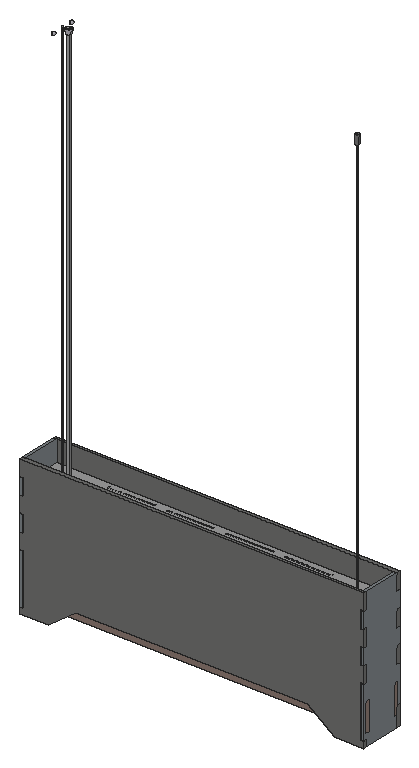
Revit family "Lighting - Lumetta - Pendant - P4217A3", category Lighting Fixtures, host Ceiling, Revit 2015
Parameters
  Wattage = 12.1178 W
  built-in parameter 1150110 = 1 (stored number, unit not read)
  URL = "https://lumetta.com/luminaires/link-acoustic-streamline-42-pendant/"
  built-in parameter 1114217 = 1 (stored number, unit not read)
  Top Lens-Material [instance] = Acrylic - 2447 - White
  Top Lens [instance] = yes
  built-in parameter 1150109 = 1 (stored number, unit not read)
  built-in parameter 1150134 = (empty or 0)
  Suspension [instance] = 1
  built-in parameter 1150113 = 1 (stored number, unit not read)
  P4217A3 URL [instance] = "https://lumetta.com/luminaires/link-acoustic-streamline-42-pendant/"
  P4217A3 [instance] = no
  Model = "P4217A3"  # constant formula
  Manufacturer = "Lumetta, Inc."  # constant formula
  Lumens = 1800 lm
  built-in parameter 1150115 = 1 (stored number, unit not read)
  built-in parameter 1150105 = 143.24 (stored number, unit not read)
  Light Source Symbol Size = 0' - 1"
  built-in parameter 1150137 = (empty or 0)
  built-in parameter 1150139 = (empty or 0)
  built-in parameter 1150112 = 1 (stored number, unit not read)
  built-in parameter 1150114 = 1 (stored number, unit not read)
  built-in parameter 1150132 = 2
  built-in parameter 1150102 = (empty or 0)
  built-in parameter 1150138 = (empty or 0)
  built-in parameter 1150107 = 3000 (stored number, unit not read)
  built-in parameter 1150106 = 1.4324 (stored number, unit not read)
  Frame Finish [instance] = Paint - Lumetta - F02 - PC_Chrome
  Fixture Drop [instance] = 4' - 0"
  Emit from Line Length = 2' - 10"
  built-in parameter 1150104 = 13.8 (stored number, unit not read)
  Dimming Lamp Color Temperature Shift = (empty or 0)
  Diffuser Material-Shade 3 [instance] = Shade - Lumetta - D808-AC-Halo
  Diffuser Material-Shade 2 [instance] = Shade - Lumetta - D813-AC-Sky-Blue
  Diffuser Material-Shade 1 [instance] = Shade - Lumetta - D819-AC-Pepper
  Description = "Link Acoustic Streamline 42'' Pendant"  # constant formula
  Coupling-Stems over 60 inches [instance] = and([2 Stems], Fixture Drop > 5' 0")  # no
  Cord Color [instance] = Cord, Black
  Cone Nut-STD-2-3Wire [instance] = Suspension = 1  # yes
  Color Filter = 16777215
  Bushing-LED-4Wire [instance] = Suspension = 2  # no
  Bottom Lens-Material [instance] = Acrylic - P95 - Etched White
  Bottom Lens [instance] = no
  built-in parameter 1114218 = 1 (stored number, unit not read)
  built-in parameter 1150133 = 10 (stored number, unit not read)
  2 Stems [instance] = Suspension = 3  # no
  1CRD-2CBL-LED-4Wire [instance] = or(Suspension = 1, Suspension = 2)  # yes
  1 CRD-2CBL-STD [instance] = or(Suspension = 1, Suspension = 2)  # yes
Reference planes (in)
  plane 1 "Light Source Axis (F/B)": y = 0
  plane 2 "Ceiling": z = 96.01773
  plane 3 "Light Source Axis (L/R)": x = 0
  plane 4 "Light Source Elevation": z = 45.01773
  plane 5 "Fixture-Top": z = 48.01773
  plane 6 "Lamping Start": z = 45.51773
  plane 7 "Left Stem": x = -18
  plane 8 "Right Stem": x = 18
  plane 9: x = -17.25
  plane 10: x = 17.25
  plane 11 "Right XBar": x = 18
  plane 12 "Left XBar": x = -18
  plane 13 "Left Cable": x = -18
  plane 14 "Right Cable": x = 18
  plane 15 "Frame Length-Left": x = -20
  plane 16 "Frame Length-Right": x = 20
  plane 17 "Frame Width-Front": y = 2
  plane 18 "Frame Width-Back": y = -2
  plane 19 "Outer Frame-Left": x = -21
  plane 20 "Outer Frame-Right": x = 21
  plane 21 "Outer Frame-Front": y = 2.75
  plane 22 "Outer Frame-Back": y = -2.75
  plane 23 "Cable-Cord Canopy-Left": x = -18
Forms (in)
  Extrusion 1, solid, material "Paint - Lumetta - F02 - PC_Chrome" <- "Frame Finish", visible <- "2 Stems"
    sketch origin (0, 0, 96.01773) x (1, 0, 0) y (0, 1, 0)
      loop
        line (-20.875, 2.875) -> (-20.875, -2.875) -> (-15.125, -2.875) -> (-15.125, 2.875) -> (-20.875, 2.875)
      loop
        line (20.875, -2.875) -> (20.875, 2.875) -> (15.125, 2.875) -> (15.125, -2.875) -> (20.875, -2.875)
    from 0 to -0.75
  Extrusion 2, solid, material "Paint - Lumetta - F02 - PC_Chrome" <- "Frame Finish", visible <- "2 Stems"
    sketch origin (18, 0.5, 96.01773) x (1, 0, 0) y (0, 1, 0)
      loop
        line (-39, 2.5) -> (-39, -3.5) -> (-33, -3.5) -> (-33, 2.5) -> (-39, 2.5)
      loop
        line (-3, 2.5) -> (-3, -3.5) -> (3, -3.5) -> (3, 2.5) -> (-3, 2.5)
    from -0.8125 to -0.75
  Revolve 3, solid, material "Paint - Lumetta - F02 - PC_Chrome" <- "Frame Finish", visible <- "Cone Nut-STD-2-3Wire"
    sketch origin (0, 0, 0) x (1, 0, 0) y (0, 0, 1)
      loop
        line (-17.25, 95.20523) -> (-17.25, 94.70523) -> (-16.96878, 94.70523) -> (-16.87659, 95.20523) -> (-17.25, 95.20523)
      axis (-17.25, 94.70523) -> (-17.25, 95.20523)
    angle from 0 to 360
  Extrusion 4, solid, material "Paint - Lumetta - F11 - PC_White"
    sketch origin (0, 0, 45.51773) x (-1, 0, 0) y (0, -1, 0)
      loop
        line (19.5, -1.54) -> (19.5, 1.54) -> (-19.5, 1.54) -> (-19.5, -1.54) -> (19.5, -1.54)
    from -0.1225 to -1.375
  Extrusion 5, solid, material "Cord, Black" <- "Cord Color", visible <- "1 CRD-2CBL-STD"
    sketch origin (0, 0, 96.01773) x (1, 0, 0) y (0, 1, 0)
      loop
        circle (-17.25, 0) r 0.1566
    from -0.75 to -50.5
  Extrusion 6, solid, material "Steel, Galvanized", visible <- "1 CRD-2CBL-STD"
    sketch origin (0, 0, 96.01773) x (1, 0, 0) y (0, 1, 0)
      loop
        circle (-18, 0) r 0.03252
      loop
        circle (18, 0) r 0.03265
    from -0.75 to -50.5
  Extrusion 7, solid, material "Paint - Lumetta - F02 - PC_Chrome" <- "Frame Finish", visible <- "2 Stems"
    sketch origin (0, 0, 96.01773) x (1, 0, 0) y (0, 1, 0)
      loop
        circle (-18, 0) r 0.25
      loop
        circle (18, 0) r 0.25
    from 0 to -50.5
  Revolve 8, solid, material "Paint - Lumetta - F02 - PC_Chrome" <- "Frame Finish", visible <- "2 Stems"
    sketch origin (0, 0, 0) x (1, 0, 0) y (0, 0, 1)
      loop
        line (-18, 95.04898) -> (-17.70148, 95.04898)
        arc (-17.70148, 95.04898) -> (-17.46866, 95.4096) -> (-17.39788, 95.83298) r 1.06037
        line (-17.39788, 95.83298) -> (-18, 95.83298) -> (-18, 95.04898)
      axis (-18, 95.04898) -> (-18, 95.83298)
    angle from 0 to 360
  Revolve 9, solid, material "Paint - Lumetta - F02 - PC_Chrome" <- "Frame Finish", visible <- "Coupling-Stems over 60 inches"
    sketch origin (0, 0, 0) x (1, 0, 0) y (0, 0, 1)
      loop
        line (-18, 108.01773) -> (-17.70764, 108.01773)
        arc (-17.70764, 108.01773) -> (-17.65786, 108.0585) -> (-17.68801, 108.11534) r 0.05078
        arc (-17.68801, 108.11534) -> (-17.65686, 108.28335) -> (-17.68801, 108.45137) r 0.46875
        arc (-17.68801, 108.45137) -> (-17.65786, 108.50821) -> (-17.70764, 108.54898) r 0.05078
        line (-17.70764, 108.54898) -> (-18, 108.54898) -> (-18, 108.01773)
      axis (-18, 108.54898) -> (-18, 108.01773)
    angle from 0 to 360
  Revolve 10, solid, material "Paint - Lumetta - F02 - PC_Chrome" <- "Frame Finish", visible <- "Coupling-Stems over 60 inches"
    sketch origin (0, 0, 0) x (-1, 0, 0) y (0, 0, 1)
      loop
        line (-18, 108.01773) -> (-17.7062, 108.01773)
        arc (-17.7062, 108.01773) -> (-17.65642, 108.0585) -> (-17.68657, 108.11534) r 0.05078
        arc (-17.68657, 108.11534) -> (-17.65542, 108.28335) -> (-17.68657, 108.45137) r 0.46875
        arc (-17.68657, 108.45137) -> (-17.65642, 108.50821) -> (-17.7062, 108.54898) r 0.05078
        line (-17.7062, 108.54898) -> (-18, 108.54898) -> (-18, 108.01773)
      axis (-18, 108.54898) -> (-18, 108.01773)
    angle from 0 to 360
  Revolve 11, solid, material "Paint - Lumetta - F02 - PC_Chrome" <- "Frame Finish", visible <- "2 Stems"
    sketch origin (0, 0, 0) x (-1, 0, 0) y (0, 0, 1)
      loop
        line (-18, 95.04898) -> (-17.70148, 95.04898)
        arc (-17.70148, 95.04898) -> (-17.45187, 95.31397) -> (-17.39788, 95.67398) r 0.60938
        line (-17.39788, 95.67398) -> (-18, 95.67398) -> (-18, 95.04898)
      axis (-18, 95.04898) -> (-18, 95.67398)
    angle from 0 to 360
  Extrusion 12, solid, material "Paint - Lumetta - F02 - PC_Chrome" <- "Frame Finish", visible <- "Bushing-LED-4Wire"
    sketch origin (0, 0, 96.01773) x (1, 0, 0) y (0, 1, 0)
      loop
        circle (-17.25, 0) r 0.37341
      loop
        circle (-17.25, 0) r 0.25
    from -0.91406 to -0.8125
  Extrusion 13, solid, material "Shade - Lumetta - D819-AC-Pepper" <- "Diffuser Material-Shade 1"
    sketch origin (0, 2.75, 0) x (-1, 0, 0) y (0, 0, 1)
      loop
        line (-21, 46.01773) -> (-20.625, 46.01773) -> (-20.625, 44.01773) -> (-21, 44.01773) -> (-21, 42.01773) -> (-20.625, 42.01773) -> (-20.625, 40.01773) -> (-21, 40.01773) -> (-21, 38.01773) -> (-20.625, 38.01773) -> (-20.625, 33.51773) -> (-21, 33.51773) -> (-21, 31.01773) -> (-17.5, 31.01773) -> (-14.125, 33.51773) -> (14.125, 33.51773) -> (17.5, 31.01773) -> (21, 31.01773) -> (21, 33.51773) -> (20.625, 33.51773) -> (20.625, 38.01773) -> (21, 38.01773) -> (21, 40.01773) -> (20.625, 40.01773) -> (20.625, 42.01773) -> (21, 42.01773) -> (21, 44.01773) -> (20.625, 44.01773) -> (20.625, 46.01773) -> (21, 46.01773) -> (21, 48.01773) -> (-21, 48.01773) -> (-21, 46.01773)
    from -0.37949 to 0
  Extrusion 14, solid, material "Shade - Lumetta - D813-AC-Sky-Blue" <- "Diffuser Material-Shade 2"
    sketch origin (-21, 0, 0) x (0, -1, 0) y (0, 0, -1)
      loop
        line (-1.99551, -32.51773) -> (-2.37051, -32.51773) -> (-2.37051, -36.01773) -> (-1.99551, -36.01773) -> (-1.99551, -32.51773)
      loop
        line (2.00449, -32.51773) -> (2.00449, -36.01773) -> (2.37949, -36.01773) -> (2.37949, -32.51773) -> (2.00449, -32.51773)
      loop
        line (2.37949, -31.01773) -> (-2.37051, -31.01773) -> (-2.37051, -31.76773) -> (-2.74551, -31.76773) -> (-2.74551, -38.01773) -> (-2.37051, -38.01773) -> (-2.37051, -40.01773) -> (-2.74551, -40.01773) -> (-2.74551, -42.01773) -> (-2.37051, -42.01773) -> (-2.37051, -44.01773) -> (-2.74551, -44.01773) -> (-2.74551, -46.01773) -> (-2.37051, -46.01773) -> (-2.37051, -48.01773) -> (2.37949, -48.01773) -> (2.37949, -46.01773) -> (2.75449, -46.01773) -> (2.75449, -44.01773) -> (2.37949, -44.01773) -> (2.37949, -42.01773) -> (2.75449, -42.01773) -> (2.75449, -40.01773) -> (2.37949, -40.01773) -> (2.37949, -38.01773) -> (2.75449, -38.01773) -> (2.75449, -31.76773) -> (2.37949, -31.76773) -> (2.37949, -31.01773)
    from 0 to 0.375
  Extrusion 15, solid, material "Shade - Lumetta - D813-AC-Sky-Blue" <- "Diffuser Material-Shade 2"
    sketch origin (20.625, 0, 0) x (0, -1, 0) y (0, 0, -1)
      loop
        line (-1.99551, -32.51773) -> (-2.37051, -32.51773) -> (-2.37051, -36.01773) -> (-1.99551, -36.01773) -> (-1.99551, -32.51773)
      loop
        line (2.00449, -32.51773) -> (2.00449, -36.01773) -> (2.37949, -36.01773) -> (2.37949, -32.51773) -> (2.00449, -32.51773)
      loop
        line (2.37949, -31.01773) -> (-2.37051, -31.01773) -> (-2.37051, -31.76773) -> (-2.74551, -31.76773) -> (-2.74551, -38.01773) -> (-2.37051, -38.01773) -> (-2.37051, -40.01773) -> (-2.74551, -40.01773) -> (-2.74551, -42.01773) -> (-2.37051, -42.01773) -> (-2.37051, -44.01773) -> (-2.74551, -44.01773) -> (-2.74551, -46.01773) -> (-2.37051, -46.01773) -> (-2.37051, -48.01773) -> (2.37949, -48.01773) -> (2.37949, -46.01773) -> (2.75449, -46.01773) -> (2.75449, -44.01773) -> (2.37949, -44.01773) -> (2.37949, -42.01773) -> (2.75449, -42.01773) -> (2.75449, -40.01773) -> (2.37949, -40.01773) -> (2.37949, -38.01773) -> (2.75449, -38.01773) -> (2.75449, -31.76773) -> (2.37949, -31.76773) -> (2.37949, -31.01773)
    from 0 to 0.375
  Extrusion 16, solid, material "Shade - Lumetta - D819-AC-Pepper" <- "Diffuser Material-Shade 1"
    sketch origin (0, -2.75, 0) x (1, 0, 0) y (0, 0, 1)
      loop
        line (21, 46.01773) -> (21, 48.01773) -> (-21, 48.01773) -> (-21, 46.01773) -> (-20.625, 46.01773) -> (-20.625, 44.01773) -> (-21, 44.01773) -> (-21, 42.01773) -> (-20.625, 42.01773) -> (-20.625, 40.01773) -> (-21, 40.01773) -> (-21, 38.01773) -> (-20.625, 38.01773) -> (-20.625, 31.76773) -> (-21, 31.76773) -> (-21, 31.01773) -> (-17.5, 31.01773) -> (-14.125, 33.51773) -> (14.125, 33.51773) -> (17.5, 31.01773) -> (21, 31.01773) -> (21, 31.76773) -> (20.625, 31.76773) -> (20.625, 38.01773) -> (21, 38.01773) -> (21, 40.01773) -> (20.625, 40.01773) -> (20.625, 42.01773) -> (21, 42.01773) -> (21, 44.01773) -> (20.625, 44.01773) -> (20.625, 46.01773) -> (21, 46.01773)
    from -0.37051 to 0
  Revolve 17, solid, material "Shade - Lumetta - D716-AC-Wheel", visible <- "1 CRD-2CBL-STD"
    sketch origin (0, 0, 0) x (1, 0, 0) y (0, 0, 1)
      loop
        line (18, 96.01773) -> (18, 95.01773) -> (18.25, 95.01773) -> (18.25, 96.01773) -> (18, 96.01773)
      axis (18, 96.01773) -> (18, 95.01773)
    angle from 0 to 360
  Revolve 18, solid, material "Paint - Lumetta - F02 - PC_Chrome" <- "Frame Finish", visible <- "2 Stems"
    sketch origin (0, 0, 0) x (1, 0, 0) y (0, 0, 1)
      loop
        arc (-16.0625, 94.83603) -> (-15.875, 95.02353) -> (-16.0625, 95.21103) r 0.1875
        line (-16.0625, 95.21103) -> (-16.0625, 94.83603)
      axis (-16.0625, 95.21103) -> (-16.0625, 94.83603)
    angle from 0 to 360
  Revolve 19, solid, material "Paint - Lumetta - F02 - PC_Chrome" <- "Frame Finish", visible <- "2 Stems"
    sketch origin (-4.25, 0, 0) x (1, 0, 0) y (0, 0, 1)
      loop
        arc (-15.6875, 94.83023) -> (-15.5, 95.01773) -> (-15.6875, 95.20523) r 0.1875
        line (-15.6875, 95.20523) -> (-15.6875, 94.83023)
      axis (-15.6875, 95.20523) -> (-15.6875, 94.83023)
    angle from 0 to 360
  Revolve 20, solid, material "Paint - Lumetta - F02 - PC_Chrome" <- "Frame Finish", visible <- "2 Stems"
    sketch origin (0, 0, 0) x (-1, 0, 0) y (0, 0, 1)
      loop
        arc (-16.0625, 94.83603) -> (-15.875, 95.02353) -> (-16.0625, 95.21103) r 0.1875
        line (-16.0625, 95.21103) -> (-16.0625, 94.83603)
      axis (-16.0625, 95.21103) -> (-16.0625, 94.83603)
    angle from 0 to 360
  Revolve 21, solid, material "Paint - Lumetta - F02 - PC_Chrome" <- "Frame Finish", visible <- "2 Stems"
    sketch origin (4.25, 0, 0) x (-1, 0, 0) y (0, 0, 1)
      loop
        arc (-15.6875, 94.83023) -> (-15.5, 95.01773) -> (-15.6875, 95.20523) r 0.1875
        line (-15.6875, 95.20523) -> (-15.6875, 94.83023)
      axis (-15.6875, 95.20523) -> (-15.6875, 94.83023)
    angle from 0 to 360
  Revolve 22, solid, material "Paint - Lumetta - F02 - PC_Chrome" <- "Frame Finish", visible <- "1 CRD-2CBL-STD"
    sketch origin (-18, 0, 0) x (0, 0, 1) y (0, -1, 0)
      loop
        arc (95.20961, 1.375) -> (95.02211, 1.5625) -> (94.83461, 1.375) r 0.1875
        line (94.83461, 1.375) -> (95.20961, 1.375)
      axis (94.83461, 1.375) -> (95.20961, 1.375)
    angle from 0 to 360
  Revolve 23, solid, material "Paint - Lumetta - F02 - PC_Chrome" <- "Frame Finish", visible <- "1 CRD-2CBL-STD"
    sketch origin (-18, 0, 0) x (0, 0, 1) y (0, 1, 0)
      loop
        arc (95.20961, 1.375) -> (95.02211, 1.5625) -> (94.83461, 1.375) r 0.1875
        line (94.83461, 1.375) -> (95.20961, 1.375)
      axis (94.83461, 1.375) -> (95.20961, 1.375)
    angle from 0 to 360
  Extrusion 24, solid, material "Acrylic - 2447 - White" <- "Top Lens-Material", visible <- "Top Lens"
    sketch origin (0.0433, 0, 45.51773) x (-1, 0, 0) y (0, -1, 0)
      loop
        arc (13.56517, -1.67901) -> (13.69017, -1.55401) -> (13.56517, -1.42901) r 0.125
        line (13.56517, -1.42901) -> (8.06517, -1.42901)
        arc (8.06517, -1.42901) -> (7.94017, -1.55401) -> (8.06517, -1.67901) r 0.125
        line (8.06517, -1.67901) -> (13.56517, -1.67901)
      loop
        line (13.56517, 1.63349) -> (8.06517, 1.63349)
        arc (8.06517, 1.63349) -> (7.94017, 1.50849) -> (8.06517, 1.38349) r 0.125
        line (8.06517, 1.38349) -> (13.56517, 1.38349)
        arc (13.56517, 1.38349) -> (13.69017, 1.50849) -> (13.56517, 1.63349) r 0.125
      loop
        arc (6.36517, -1.67901) -> (6.49017, -1.55401) -> (6.36517, -1.42901) r 0.125
        line (6.36517, -1.42901) -> (0.86517, -1.42901)
        arc (0.86517, -1.42901) -> (0.74017, -1.55401) -> (0.86517, -1.67901) r 0.125
        line (0.86517, -1.67901) -> (6.36517, -1.67901)
      loop
        line (6.36517, 1.63349) -> (0.86517, 1.63349)
        arc (0.86517, 1.63349) -> (0.74017, 1.50849) -> (0.86517, 1.38349) r 0.125
        line (0.86517, 1.38349) -> (6.36517, 1.38349)
        arc (6.36517, 1.38349) -> (6.49017, 1.50849) -> (6.36517, 1.63349) r 0.125
      loop
        arc (-0.83483, -1.67901) -> (-0.70983, -1.55401) -> (-0.83483, -1.42901) r 0.125
        line (-0.83483, -1.42901) -> (-6.33483, -1.42901)
        arc (-6.33483, -1.42901) -> (-6.45983, -1.55401) -> (-6.33483, -1.67901) r 0.125
        line (-6.33483, -1.67901) -> (-0.83483, -1.67901)
      loop
        line (-0.83483, 1.63349) -> (-6.33483, 1.63349)
        arc (-6.33483, 1.63349) -> (-6.45983, 1.50849) -> (-6.33483, 1.38349) r 0.125
        line (-6.33483, 1.38349) -> (-0.83483, 1.38349)
        arc (-0.83483, 1.38349) -> (-0.70983, 1.50849) -> (-0.83483, 1.63349) r 0.125
      loop
        arc (-8.03483, -1.67901) -> (-7.90983, -1.55401) -> (-8.03483, -1.42901) r 0.125
        line (-8.03483, -1.42901) -> (-13.53483, -1.42901)
        arc (-13.53483, -1.42901) -> (-13.65983, -1.55401) -> (-13.53483, -1.67901) r 0.125
        line (-13.53483, -1.67901) -> (-8.03483, -1.67901)
      loop
        line (-8.03483, 1.63349) -> (-13.53483, 1.63349)
        arc (-13.53483, 1.63349) -> (-13.65983, 1.50849) -> (-13.53483, 1.38349) r 0.125
        line (-13.53483, 1.38349) -> (-8.03483, 1.38349)
        arc (-8.03483, 1.38349) -> (-7.90983, 1.50849) -> (-8.03483, 1.63349) r 0.125
      loop
        arc (20.54642, 2.13349) -> (20.50981, 2.22188) -> (20.42142, 2.25849) r 0.125
        line (20.42142, 2.25849) -> (18.51517, 2.25849)
        arc (18.51517, 2.25849) -> (18.42678, 2.22188) -> (18.39017, 2.13349) r 0.125
        line (18.39017, 2.13349) -> (18.39017, 0.35224)
        arc (18.39017, 0.35224) -> (18.39658, 0.31271) -> (18.41517, 0.27724) r 0.125
        arc (18.41517, 0.27724) -> (18.01517, -0.52276) -> (17.61517, 0.27724) r 0.5
        arc (17.61517, 0.27724) -> (17.63376, 0.31271) -> (17.64017, 0.35224) r 0.125
        line (17.64017, 0.35224) -> (17.64017, 2.13349)
        arc (17.64017, 2.13349) -> (17.60356, 2.22188) -> (17.51517, 2.25849) r 0.125
        line (17.51517, 2.25849) -> (-17.48483, 2.25849)
        arc (-17.48483, 2.25849) -> (-17.57322, 2.22188) -> (-17.60983, 2.13349) r 0.125
        line (-17.60983, 2.13349) -> (-17.60983, 0.35224)
        arc (-17.60983, 0.35224) -> (-17.60342, 0.31271) -> (-17.58483, 0.27724) r 0.125
        arc (-17.58483, 0.27724) -> (-17.98483, -0.52276) -> (-18.38483, 0.27724) r 0.5
        arc (-18.38483, 0.27724) -> (-18.36624, 0.31271) -> (-18.35983, 0.35224) r 0.125
        line (-18.35983, 0.35224) -> (-18.35983, 2.13349)
        arc (-18.35983, 2.13349) -> (-18.39644, 2.22188) -> (-18.48483, 2.25849) r 0.125
        line (-18.48483, 2.25849) -> (-20.39108, 2.25849)
        arc (-20.39108, 2.25849) -> (-20.47947, 2.22188) -> (-20.51608, 2.13349) r 0.125
        line (-20.51608, 2.13349) -> (-20.51608, -2.17901)
        arc (-20.51608, -2.17901) -> (-20.47947, -2.2674) -> (-20.39108, -2.30401) r 0.125
        line (-20.39108, -2.30401) -> (20.42142, -2.30401)
        arc (20.42142, -2.30401) -> (20.50981, -2.2674) -> (20.54642, -2.17901) r 0.125
        line (20.54642, -2.17901) -> (20.54642, 2.13349)
    from -0.1225 to 0
  Extrusion 25, solid, material "Shade - Lumetta - D808-AC-Halo" <- "Diffuser Material-Shade 3"
    sketch origin (0, 0, 0) x (1, 0, 0) y (0, 0, 1)
      loop
        line (-21, 36.01332) -> (-21, 32.51332) -> (21, 32.51332) -> (21, 36.01332) -> (-21, 36.01332)
      loop
        line (-20.25, 35.51332) -> (-20.625, 35.51332) -> (-20.625, 33.01332) -> (-20.25, 33.01332) -> (-20.25, 35.51332)
      loop
        line (20.25, 35.51332) -> (20.25, 33.01332) -> (20.625, 33.01332) -> (20.625, 35.51332) -> (20.25, 35.51332)
    from -2.37051 to -2
  Extrusion 26, solid, material "Shade - Lumetta - D808-AC-Halo" <- "Diffuser Material-Shade 3"
    sketch origin (0, 0, 0) x (1, 0, 0) y (0, 0, -1)
      loop
        line (-21, -36.01332) -> (21, -36.01332) -> (21, -32.51332) -> (-21, -32.51332) -> (-21, -36.01332)
      loop
        line (-20.25, -35.51332) -> (-20.25, -33.01332) -> (-20.625, -33.01332) -> (-20.625, -35.51332) -> (-20.25, -35.51332)
      loop
        line (20.25, -35.51332) -> (20.625, -35.51332) -> (20.625, -33.01332) -> (20.25, -33.01332) -> (20.25, -35.51332)
    from -2.37949 to -2
  Extrusion 27, solid, material "Acrylic - P95 - Etched White" <- "Bottom Lens-Material", visible <- "Bottom Lens"
    sketch origin (0, 0, 48.01773) x (0, -1, 0) y (1, 0, 0)
      loop
        line (2.34375, -20.30625) -> (2.34375, 20.33256)
        arc (2.34375, 20.33256) -> (2.26725, 20.51725) -> (2.08256, 20.59375) r 0.26119
        line (2.08256, 20.59375) -> (-2.24506, 20.59375)
        arc (-2.24506, 20.59375) -> (-2.31484, 20.56484) -> (-2.34375, 20.49506) r 0.09869
        line (-2.34375, 20.49506) -> (-2.34375, -20.46875)
        arc (-2.34375, -20.46875) -> (-2.30714, -20.55714) -> (-2.21875, -20.59375) r 0.125
        line (-2.21875, -20.59375) -> (2.05625, -20.59375)
        arc (2.05625, -20.59375) -> (2.25954, -20.50954) -> (2.34375, -20.30625) r 0.2875
    from -12 to -11.90789
  Extrusion 28, solid, material "Shade - Lumetta - D808-AC-Halo" <- "Diffuser Material-Shade 3"
    sketch origin (0, 0, 0) x (0, 1, 0) y (0, 0, 1)
      loop
        line (-2.02583, 35.51773) -> (-2.40083, 35.51773) -> (-2.40083, 33.01773) -> (-2.02583, 33.01773) -> (-2.02583, 32.51773) -> (1.97417, 32.51773) -> (1.97417, 33.01773) -> (2.34917, 33.01773) -> (2.34917, 35.51773) -> (1.97417, 35.51773) -> (1.97417, 36.01773) -> (-2.02583, 36.01773) -> (-2.02583, 35.51773)
    from -20.625 to -20.25
  Extrusion 29, solid, material "Shade - Lumetta - D808-AC-Halo" <- "Diffuser Material-Shade 3"
    sketch origin (0, 0, 0) x (0, 1, 0) y (0, 0, -1)
      loop
        line (-2.02583, -35.51773) -> (-2.02583, -36.01773) -> (1.97417, -36.01773) -> (1.97417, -35.51773) -> (2.34917, -35.51773) -> (2.34917, -33.01773) -> (1.97417, -33.01773) -> (1.97417, -32.51773) -> (-2.02583, -32.51773) -> (-2.02583, -33.01773) -> (-2.40083, -33.01773) -> (-2.40083, -35.51773) -> (-2.02583, -35.51773)
    from -20.625 to -20.25
Dimensions and locks (in)
  equal spacing: host sketch curve, plane 3 "Light Source Axis (L/R)", host sketch curve
  equal spacing: host sketch curve, plane 1 "Light Source Axis (F/B)", host sketch curve
  host sketch curve to host sketch curve = 10' - 0"  (x2)
  plane 5 "Fixture-Top" to plane 4 "Light Source Elevation" = 0' - 3"
  "Fixture Drop": plane 2 "Ceiling" to plane 5 "Fixture-Top"
  locked: Extrusion 2 to Revolve 3 sketch curve at 0.5
  locked: imposter light to Extrusion 4 sketch curve at 1.54
  locked: plane 1 "Light Source Axis (F/B)" to Extrusion 4 sketch curve at 1.54
  locked: Extrusion 2 to Revolve 8 sketch curve at 0.15625
  Revolve 9 sketch curve to level = 9' - 0.01773"
  locked: Revolve 9 sketch curve to Revolve 9 sketch curve at 0.53125
  locked: Revolve 9 sketch curve to Revolve 9 sketch curve at 0.26563
  locked: Revolve 9 sketch curve to Revolve 9 sketch curve at 0.05078  (x2)
  locked: Revolve 10 sketch curve to Revolve 10 sketch curve at 0.53125
  locked: Revolve 10 sketch curve to Revolve 10 sketch curve at 0.26563
  locked: Revolve 10 sketch curve to Revolve 10 sketch curve at 0.05078  (x2)
  Extrusion 12 sketch curve to plane 3 "Light Source Axis (L/R)" = 1' - 5 1/4"  (x2)
  locked: Revolve 10 sketch curve to plane 5 "Fixture-Top" at 60
  locked: Revolve 9 sketch curve to plane 5 "Fixture-Top" at 60
  plane 5 "Fixture-Top" to plane 6 "Lamping Start" = 0' - 2 1/2"  (x2)
  locked: plane 6 "Lamping Start" to Extrusion 4 at 1.375
  equal spacing: Extrusion 6 sketch curve, plane 3 "Light Source Axis (L/R)", Extrusion 6 sketch curve
  plane 3 "Light Source Axis (L/R)" to Revolve 3 sketch curve = 1' - 5 1/4"
  Extrusion 5 sketch curve to plane 3 "Light Source Axis (L/R)" = 1' - 5 1/4"
  plane 3 "Light Source Axis (L/R)" to Extrusion 7 sketch curve = 1' - 6"
  plane 3 "Light Source Axis (L/R)" to Revolve 10 sketch curve = 1' - 6"
  locked: Revolve 8 sketch curve to plane 7 "Left Stem" at 0
  locked: Revolve 8 sketch curve to Revolve 8 sketch curve at 0.45748
  locked: plane 8 "Right Stem" to Revolve 11 sketch curve at 0  (x2)
  locked: Revolve 11 sketch curve to plane 8 "Right Stem" at 0
  locked: Revolve 9 sketch curve to plane 7 "Left Stem" at 0  (x2)
  locked: Revolve 9 sketch curve to plane 7 "Left Stem" at 0.29236  (x2)
  locked: plane 7 "Left Stem" to Revolve 9 sketch curve at 0.12561
  locked: Revolve 10 sketch curve to plane 8 "Right Stem" at 0  (x2)
  locked: plane 8 "Right Stem" to Revolve 10 sketch curve at 0.2938  (x2)
  locked: Revolve 10 sketch curve to plane 8 "Right Stem" at 0.12417
  locked: plane 9 to Revolve 3 sketch curve at 0
  Revolve 3 sketch curve to plane 9 = 0' - 0"
  locked: Revolve 3 sketch curve to plane 9 at 0.37341
  locked: Revolve 3 sketch curve to plane 9 at 0.28122
  plane 3 "Light Source Axis (L/R)" to plane 9 = 1' - 5 1/4"
  equal spacing: plane 10, plane 3 "Light Source Axis (L/R)", plane 9
  locked: plane 6 "Lamping Start" to Extrusion 4 at 0.1225
  equal spacing: plane 12 "Left XBar", plane 3 "Light Source Axis (L/R)", plane 11 "Right XBar"
  locked: plane 12 "Left XBar" to plane 11 "Right XBar" at 36
  equal spacing: plane 13 "Left Cable", plane 3 "Light Source Axis (L/R)", plane 14 "Right Cable"
  plane 13 "Left Cable" to plane 14 "Right Cable" = 3' - 0"
  locked: Extrusion 6 sketch curve to plane 13 "Left Cable" at 0
  equal spacing: plane 7 "Left Stem", plane 3 "Light Source Axis (L/R)", plane 8 "Right Stem"
  plane 7 "Left Stem" to plane 8 "Right Stem" = 3' - 0"
  equal spacing: plane 15 "Frame Length-Left", plane 3 "Light Source Axis (L/R)", plane 16 "Frame Length-Right"
  plane 15 "Frame Length-Left" to plane 16 "Frame Length-Right" = 3' - 4"
  equal spacing: plane 17 "Frame Width-Front", plane 1 "Light Source Axis (F/B)", plane 18 "Frame Width-Back"
  plane 17 "Frame Width-Front" to plane 18 "Frame Width-Back" = 0' - 4"
  equal spacing: plane 19 "Outer Frame-Left", plane 3 "Light Source Axis (L/R)", plane 20 "Outer Frame-Right"
  equal spacing: plane 22 "Outer Frame-Back", plane 1 "Light Source Axis (F/B)", plane 21 "Outer Frame-Front"
  plane 19 "Outer Frame-Left" to plane 20 "Outer Frame-Right" = 3' - 6"
  plane 21 "Outer Frame-Front" to plane 22 "Outer Frame-Back" = 0' - 5 1/2"
  locked: Extrusion 7 sketch curve to plane 7 "Left Stem"
  locked: plane 8 "Right Stem" to Extrusion 7 sketch curve
  locked: Extrusion 4 sketch curve to plane 12 "Left XBar" at 1.5
  locked: plane 11 "Right XBar" to Extrusion 4 sketch curve at 1.5
  locked: Extrusion 2 sketch curve to Extrusion 2 sketch curve at 6  (x4)
  locked: plane 1 "Light Source Axis (F/B)" to Extrusion 2 sketch curve at 3
  plane 1 "Light Source Axis (F/B)" to Extrusion 2 sketch curve = 0' - 3"
  locked: Extrusion 2 sketch curve to Extrusion 2 sketch curve at 30
  locked: Extrusion 2 sketch curve to plane 3 "Light Source Axis (L/R)" at 15
  locked: Extrusion 1 sketch curve to Extrusion 1 sketch curve at 5.75  (x4)
  locked: Extrusion 1 sketch curve to plane 1 "Light Source Axis (F/B)" at 2.875  (x2)
  locked: Extrusion 1 sketch curve to Extrusion 1 sketch curve at 30.25
  locked: Extrusion 1 sketch curve to plane 3 "Light Source Axis (L/R)" at 15.125
  locked: Extrusion 13 to Extrusion 13 at 0.37949
  plane 21 "Outer Frame-Front" to plane 1 "Light Source Axis (F/B)" = 0' - 2 3/4"
  plane 1 "Light Source Axis (F/B)" to plane 22 "Outer Frame-Back" = 0' - 2 3/4"
  plane 1 "Light Source Axis (F/B)" to plane 18 "Frame Width-Back" = 0' - 2"
  plane 17 "Frame Width-Front" to plane 1 "Light Source Axis (F/B)" = 0' - 2"
  plane 3 "Light Source Axis (L/R)" to plane 19 "Outer Frame-Left" = 1' - 9"
  plane 3 "Light Source Axis (L/R)" to plane 15 "Frame Length-Left" = 1' - 8"
  plane 3 "Light Source Axis (L/R)" to plane 20 "Outer Frame-Right" = 1' - 9"
  plane 16 "Frame Length-Right" to plane 3 "Light Source Axis (L/R)" = 1' - 8"
  locked: Extrusion 14 sketch curve to Extrusion 14 sketch curve at 17
  locked: Extrusion 13 sketch curve to Extrusion 13 sketch curve at 17
  locked: Extrusion 13 sketch curve to Extrusion 13 sketch curve at 2.5
  locked: Extrusion 15 sketch curve to Extrusion 15 sketch curve at 17
  locked: Extrusion 16 sketch curve to Extrusion 16 sketch curve at 17  (x2)
  locked: Extrusion 16 sketch curve to Extrusion 16 sketch curve at 2  (x9)
  locked: Extrusion 16 sketch curve to Extrusion 16 sketch curve at 6.25  (x2)
  locked: Extrusion 16 sketch curve to Extrusion 16 sketch curve at 0.375  (x8)
  locked: Extrusion 16 sketch curve to Extrusion 16 sketch curve at 2.5
  locked: Extrusion 16 sketch curve to Extrusion 16 sketch curve at 42
  locked: plane 5 "Fixture-Top" to Extrusion 13 at 0
  locked: Extrusion 16 to plane 22 "Outer Frame-Back" at 0.37051
  Revolve 17 sketch curve to plane 3 "Light Source Axis (L/R)" = 1' - 6"
  Revolve 17 sketch curve to Revolve 17 sketch curve = 0' - 0 1/4"
  plane 2 "Ceiling" to Revolve 17 sketch curve = 0' - 1"
  locked: Extrusion 2 to Revolve 18 sketch curve at 0.18169
  locked: Extrusion 2 to Revolve 18 sketch curve at 1.0625
  locked: plane 19 "Outer Frame-Left" to Revolve 19 sketch curve at 1.0625
  locked: Extrusion 2 to Revolve 19 sketch curve at 1.0625
  locked: Revolve 19 sketch curve to Revolve 19 sketch curve at 0
  locked: Extrusion 2 to Revolve 19 sketch curve at 0.1875
  locked: Revolve 18 sketch curve to Revolve 18 sketch curve
  Revolve 18 sketch curve to Revolve 18 sketch curve = 0' - 0"
  locked: Revolve 21 sketch curve to Revolve 21 sketch curve at 0
  locked: Revolve 20 sketch curve to Revolve 20 sketch curve
  Revolve 20 sketch curve to Revolve 20 sketch curve = 0' - 0"
  plane 3 "Light Source Axis (L/R)" to plane 23 "Cable-Cord Canopy-Left" = 1' - 6"
  plane 1 "Light Source Axis (F/B)" to Revolve 22 sketch curve = 0' - 1 3/8"
  locked: Revolve 22 sketch curve to Extrusion 2 at 0.18312
  locked: Revolve 22 sketch curve to Revolve 22 sketch curve at 0  (x2)
  locked: Revolve 23 sketch curve to Revolve 23 sketch curve at 0  (x2)
  Extrusion 24 sketch curve to plane 3 "Light Source Axis (L/R)" = 1' - 5.97187"
  Extrusion 24 sketch curve to plane 3 "Light Source Axis (L/R)" = 1' - 8.50312"
  locked: Extrusion 24 sketch curve to Extrusion 24 sketch curve at 41.0625
  locked: Extrusion 24 sketch curve to Extrusion 24 sketch curve at 36
  locked: Extrusion 24 sketch curve to Extrusion 24 sketch curve at 27.1  (x2)
  locked: Extrusion 24 sketch curve to plane 1 "Light Source Axis (F/B)" at 2.30401
  locked: Extrusion 24 sketch curve to Extrusion 24 sketch curve at 4.5625  (x3)
  locked: Extrusion 24 to Extrusion 24 at 0.1225
  locked: Extrusion 25 sketch curve to Extrusion 25 sketch curve at 3.5
  locked: Extrusion 25 sketch curve to Extrusion 25 sketch curve at 2.5  (x2)
  locked: Extrusion 25 sketch curve to Extrusion 25 sketch curve at 0.5  (x2)
  locked: plane 3 "Light Source Axis (L/R)" to Extrusion 25 sketch curve at 21
  locked: Extrusion 25 sketch curve to Extrusion 25 sketch curve at 42
  locked: Extrusion 25 sketch curve to Extrusion 25 sketch curve at 0.375  (x2)
  locked: Extrusion 25 sketch curve to Extrusion 14
  locked: Extrusion 15 to Extrusion 25 sketch curve at 0
  locked: Extrusion 26 sketch curve to Extrusion 26 sketch curve at 3.5
  locked: Extrusion 26 sketch curve to Extrusion 26 sketch curve at 2.5  (x2)
  locked: Extrusion 26 sketch curve to Extrusion 26 sketch curve at 0.5  (x2)
  locked: Extrusion 26 sketch curve to Extrusion 26 sketch curve at 42
  locked: Extrusion 26 sketch curve to Extrusion 26 sketch curve at 0.375  (x2)
  locked: Extrusion 13 to Extrusion 25 at 1.49559
  locked: Extrusion 13 to Extrusion 26 at 1.49559
  locked: Extrusion 27 sketch curve to Extrusion 27 sketch curve at 41.1875
  locked: Extrusion 27 sketch curve to Extrusion 27 sketch curve at 4.6875
  locked: plane 1 "Light Source Axis (F/B)" to Extrusion 27 sketch curve at 2.34375
  locked: Extrusion 27 sketch curve to plane 3 "Light Source Axis (L/R)" at 20.59375
  locked: Extrusion 27 to Extrusion 26 at 0.09651
  locked: Extrusion 28 sketch curve to Extrusion 28 sketch curve at 3.5
  locked: Extrusion 28 sketch curve to Extrusion 28 sketch curve at 4.75
  locked: Extrusion 15 to Extrusion 28 sketch curve at 1.5
  locked: Extrusion 29 sketch curve to Extrusion 29 sketch curve at 3.5
  locked: Extrusion 29 sketch curve to Extrusion 29 sketch curve at 4.75
  locked: Extrusion 13 to Extrusion 13 at 17  (x2)
  aligned and locked: plane 3 "Light Source Axis (L/R)" to imposter light
  aligned and locked: plane 1 "Light Source Axis (F/B)" to imposter light
  aligned and locked: plane 4 "Light Source Elevation" to imposter light
  aligned and locked: Extrusion 5 to Extrusion 1
  aligned and locked: plane 2 "Ceiling" to Extrusion 7
  aligned and locked: Extrusion 5 to plane 6 "Lamping Start"
  aligned and locked: Extrusion 6 to plane 6 "Lamping Start"
  aligned and locked: Extrusion 7 to Extrusion 5
  aligned and locked: plane 21 "Outer Frame-Front" to Extrusion 13
  aligned and locked: Extrusion 15 to Extrusion 13
  aligned and locked: plane 22 "Outer Frame-Back" to Extrusion 16
  aligned and locked: Revolve 17 sketch curve to plane 2 "Ceiling"
  aligned and locked: plane 6 "Lamping Start" to Extrusion 24
  aligned and locked: Extrusion 25 to Extrusion 13
  aligned and locked: Extrusion 25 to plane 17 "Frame Width-Front"
  aligned and locked: plane 18 "Frame Width-Back" to Extrusion 26
  aligned and locked: Extrusion 26 to Extrusion 14
  aligned and locked: Extrusion 14 to Extrusion 27
  aligned and locked: Extrusion 13 to Extrusion 28
  aligned and locked: Extrusion 28 to Extrusion 25
  aligned and locked: Extrusion 29 to Extrusion 13
  aligned and locked: Extrusion 29 to Extrusion 25
Automatic sketch dimensions
  Revolve 3 sketch curve to Revolve 3 sketch curve = 0' - 0 1/2"
  Revolve 3 sketch curve to Revolve 3 sketch curve = 0' - 0"
  plane 2 "Ceiling" to Revolve 3 sketch curve = 0' - 2 11/16"
  plane 1 "Light Source Axis (F/B)" to Extrusion 6 sketch curve = 0' - 0"  (x2)
  plane 1 "Light Source Axis (F/B)" to Extrusion 7 sketch curve = 0' - 0"  (x2)
  Revolve 8 sketch curve to plane 7 "Left Stem" = 0' - 0"
  plane 7 "Left Stem" to Revolve 8 sketch curve = 0' - 0.29852"
  Revolve 8 sketch curve to plane 9 = 0' - 0.14788"
  Revolve 8 sketch curve to plane 2 "Ceiling" = 0' - 0.2252"
  Revolve 8 sketch curve to Revolve 8 sketch curve = 1' - 1 19/32"
  plane 2 "Ceiling" to Revolve 8 sketch curve = 0' - 2 15/16"
  Revolve 9 sketch curve to Revolve 9 sketch curve = 0' - 0.01964"
  Revolve 9 sketch curve to Revolve 9 sketch curve = 0' - 0"
  plane 2 "Ceiling" to Revolve 9 sketch curve = 0' - 4 17/32"
  Revolve 10 sketch curve to Revolve 10 sketch curve = 0' - 0.01964"
  Revolve 10 sketch curve to Revolve 10 sketch curve = 0' - 0"
  Revolve 10 sketch curve to plane 2 "Ceiling" = 0' - 4 17/32"
  plane 8 "Right Stem" to Revolve 11 sketch curve = 0' - 0.29852"
  Revolve 11 sketch curve to plane 10 = 0' - 0.14788"
  plane 2 "Ceiling" to Revolve 11 sketch curve = 0' - 0 31/32"
  plane 2 "Ceiling" to Revolve 11 sketch curve = 0' - 0 7/16"
  Revolve 11 sketch curve to plane 2 "Ceiling" = 0' - 0.53351"
  Revolve 11 sketch curve to Revolve 11 sketch curve = 0' - 2.40399"
  plane 20 "Outer Frame-Right" to Extrusion 13 sketch curve = 0' - 0"  (x4)
  Extrusion 13 sketch curve to plane 19 "Outer Frame-Left" = 0' - 0"  (x4)
  Extrusion 13 sketch curve to plane 5 "Fixture-Top" = 0' - 0"
  plane 20 "Outer Frame-Right" to Extrusion 13 sketch curve = 0' - 0 3/8"  (x3)
  plane 10 to Extrusion 13 sketch curve = 0' - 0 1/4"
  Extrusion 13 sketch curve to plane 10 = 0' - 3 1/8"
  plane 9 to Extrusion 13 sketch curve = 0' - 3 1/8"
  Extrusion 13 sketch curve to plane 9 = 0' - 0 1/4"
  plane 19 "Outer Frame-Left" to Extrusion 13 sketch curve = 0' - 0 3/8"  (x3)
  level to Extrusion 13 sketch curve = 2' - 7.01773"
  Extrusion 13 sketch curve to Extrusion 13 sketch curve = 0' - 2 1/2"  (x2)
  Extrusion 13 sketch curve to Extrusion 13 sketch curve = 0' - 4 1/2"  (x2)
  Extrusion 13 sketch curve to Extrusion 13 sketch curve = 0' - 2"  (x4)
  plane 4 "Light Source Elevation" to Extrusion 13 sketch curve = 0' - 1"  (x2)
  plane 6 "Lamping Start" to Extrusion 13 sketch curve = 0' - 0 1/2"  (x2)
  plane 5 "Fixture-Top" to Extrusion 14 sketch curve = 0' - 0"
  Extrusion 14 sketch curve to plane 21 "Outer Frame-Front" = 0' - 0.00449"  (x3)
  plane 17 "Frame Width-Front" to Extrusion 14 sketch curve = 0' - 0.37051"  (x5)
  Extrusion 14 sketch curve to plane 17 "Frame Width-Front" = 0' - 0.00449"
  Extrusion 14 sketch curve to plane 18 "Frame Width-Back" = 0' - 0.00449"
  Extrusion 14 sketch curve to plane 22 "Outer Frame-Back" = 0' - 0.37051"  (x5)
  plane 22 "Outer Frame-Back" to Extrusion 14 sketch curve = 0' - 0.00449"  (x3)
  plane 6 "Lamping Start" to Extrusion 14 sketch curve = 0' - 0 1/2"  (x2)
  plane 4 "Light Source Elevation" to Extrusion 14 sketch curve = 0' - 1"  (x2)
  Extrusion 14 sketch curve to Extrusion 14 sketch curve = 0' - 2"  (x8)
  Extrusion 14 sketch curve to Extrusion 14 sketch curve = 0' - 1 1/2"  (x2)
  Extrusion 14 sketch curve to Extrusion 14 sketch curve = 0' - 0 3/4"  (x2)
  plane 5 "Fixture-Top" to Extrusion 15 sketch curve = 0' - 0"
  Extrusion 15 sketch curve to plane 21 "Outer Frame-Front" = 0' - 0.00449"  (x3)
  plane 17 "Frame Width-Front" to Extrusion 15 sketch curve = 0' - 0.37051"  (x5)
  Extrusion 15 sketch curve to plane 17 "Frame Width-Front" = 0' - 0.00449"
  Extrusion 15 sketch curve to plane 18 "Frame Width-Back" = 0' - 0.00449"
  Extrusion 15 sketch curve to plane 22 "Outer Frame-Back" = 0' - 0.37051"  (x5)
  plane 22 "Outer Frame-Back" to Extrusion 15 sketch curve = 0' - 0.00449"  (x3)
  plane 6 "Lamping Start" to Extrusion 15 sketch curve = 0' - 0 1/2"  (x2)
  plane 4 "Light Source Elevation" to Extrusion 15 sketch curve = 0' - 1"  (x2)
  Extrusion 15 sketch curve to Extrusion 15 sketch curve = 0' - 2"  (x8)
  Extrusion 15 sketch curve to Extrusion 15 sketch curve = 0' - 1 1/2"  (x2)
  Extrusion 15 sketch curve to Extrusion 15 sketch curve = 0' - 0 3/4"  (x2)
  Extrusion 16 sketch curve to plane 19 "Outer Frame-Left" = 0' - 0"  (x3)
  plane 20 "Outer Frame-Right" to Extrusion 16 sketch curve = 0' - 0"  (x2)
  Extrusion 16 sketch curve to plane 5 "Fixture-Top" = 0' - 0"
  Extrusion 16 sketch curve to plane 9 = 0' - 0 1/4"
  plane 9 to Extrusion 16 sketch curve = 0' - 3 1/8"
  Extrusion 16 sketch curve to plane 10 = 0' - 3 1/8"
  plane 10 to Extrusion 16 sketch curve = 0' - 0 1/4"
  Extrusion 16 sketch curve to Extrusion 16 sketch curve = 0' - 0 3/4"
  Revolve 18 sketch curve to Revolve 18 sketch curve = 0' - 0 3/16"
  Revolve 18 sketch curve to Revolve 18 sketch curve = 0' - 0"
  Revolve 18 sketch curve to Revolve 18 sketch curve = 0' - 1.47459"
  Revolve 19 sketch curve to Revolve 19 sketch curve = 0' - 0 3/16"
  Revolve 19 sketch curve to Revolve 19 sketch curve = 0' - 1.46879"
  Revolve 19 sketch curve to Revolve 19 sketch curve = 0' - 0.00581"
  plane 10 to Revolve 20 sketch curve = 0' - 1 3/16"
  plane 2 "Ceiling" to Revolve 20 sketch curve = 0' - 1.18169"
  Revolve 20 sketch curve to Revolve 20 sketch curve = 0' - 0 3/16"
  Revolve 20 sketch curve to Revolve 20 sketch curve = 0' - 1.47459"
  Revolve 20 sketch curve to Revolve 20 sketch curve = 0' - 0"
  plane 16 "Frame Length-Right" to Revolve 21 sketch curve = 0' - 0 1/16"
  plane 2 "Ceiling" to Revolve 21 sketch curve = 0' - 1 3/16"
  Revolve 21 sketch curve to Revolve 21 sketch curve = 0' - 0 3/16"
  Revolve 21 sketch curve to Revolve 21 sketch curve = 0' - 1.46879"
  Revolve 21 sketch curve to Revolve 21 sketch curve = 0' - 0.00581"
  Revolve 22 sketch curve to Revolve 22 sketch curve = 0' - 0 3/16"
  Revolve 22 sketch curve to Revolve 22 sketch curve = 0' - 0.0737"
  Revolve 22 sketch curve to Revolve 22 sketch curve = 0' - 0 3/4"
  plane 2 "Ceiling" to Revolve 23 sketch curve = 0' - 1.18312"
  Revolve 23 sketch curve to Revolve 23 sketch curve = 0' - 0 3/16"
  plane 17 "Frame Width-Front" to Revolve 23 sketch curve = 0' - 0 5/8"
  Revolve 23 sketch curve to Revolve 23 sketch curve = 0' - 0.0737"
  Revolve 23 sketch curve to Revolve 23 sketch curve = 0' - 0 3/4"
  Extrusion 24 sketch curve to Extrusion 24 sketch curve = 0' - 0 1/8"  (x11)
  plane 8 "Right Stem" to Extrusion 24 sketch curve = 0' - 0.52813"  (x2)
  Extrusion 24 sketch curve to plane 18 "Frame Width-Back" = 0' - 0.13349"  (x2)
  Extrusion 24 sketch curve to plane 8 "Right Stem" = 0' - 0.34687"
  Extrusion 24 sketch curve to plane 17 "Frame Width-Front" = 0' - 0.57099"
  Extrusion 24 sketch curve to plane 10 = 0' - 3 43/64"
  plane 18 "Frame Width-Back" to Extrusion 24 sketch curve = 0' - 0.36651"  (x3)
  Extrusion 24 sketch curve to Extrusion 24 sketch curve = 0' - 0"  (x5)
  plane 18 "Frame Width-Back" to Extrusion 24 sketch curve = 0' - 0.49151"  (x2)
  Extrusion 24 sketch curve to Extrusion 24 sketch curve = 0' - 5 1/2"  (x2)
  Extrusion 24 sketch curve to plane 17 "Frame Width-Front" = 0' - 0.44599"  (x2)
  Extrusion 24 sketch curve to Extrusion 24 sketch curve = 0' - 1.7"  (x4)
  plane 3 "Light Source Axis (L/R)" to Extrusion 24 sketch curve = 0' - 0.87813"  (x2)
  Extrusion 24 sketch curve to plane 17 "Frame Width-Front" = 0' - 0.32099"  (x3)
  Extrusion 24 sketch curve to plane 3 "Light Source Axis (L/R)" = 0' - 0.82187"  (x2)
  plane 18 "Frame Width-Back" to Extrusion 24 sketch curve = 0' - 0.61651"
  Extrusion 24 sketch curve to plane 9 = 0' - 0.22187"  (x2)
  Extrusion 24 sketch curve to plane 7 "Left Stem" = 0' - 0.34687"
  Extrusion 24 sketch curve to plane 1 "Light Source Axis (F/B)" = 0' - 0.02276"  (x2)
  plane 1 "Light Source Axis (F/B)" to Extrusion 24 sketch curve = 0' - 0.35224"  (x4)
  Extrusion 24 sketch curve to Extrusion 24 sketch curve = 0' - 0 1/4"
  level to Extrusion 25 sketch curve = 2' - 8.51332"
  Extrusion 26 sketch curve to plane 19 "Outer Frame-Left" = 0' - 0"
  plane 19 "Outer Frame-Left" to Extrusion 26 sketch curve = 0' - 0 3/8"
  plane 16 "Frame Length-Right" to Extrusion 26 sketch curve = 0' - 0 1/4"
  plane 4 "Light Source Elevation" to Extrusion 26 sketch curve = 0' - 9.00441"
  Extrusion 27 sketch curve to Extrusion 27 sketch curve = 0' - 0.09869"
  Extrusion 27 sketch curve to Extrusion 27 sketch curve = 0' - 0 1/8"
  Extrusion 27 sketch curve to plane 18 "Frame Width-Back" = 0' - 0.05625"
  Extrusion 27 sketch curve to plane 18 "Frame Width-Back" = 0' - 0.08256"
  Extrusion 28 sketch curve to plane 22 "Outer Frame-Back" = 0' - 0.34917"
  Extrusion 28 sketch curve to plane 18 "Frame Width-Back" = 0' - 0.02583"  (x2)
  Extrusion 28 sketch curve to plane 17 "Frame Width-Front" = 0' - 0.02583"  (x2)
  Extrusion 28 sketch curve to Extrusion 28 sketch curve = 0' - 0 1/2"  (x4)
  Extrusion 29 sketch curve to plane 22 "Outer Frame-Back" = 0' - 0.34917"
  Extrusion 29 sketch curve to plane 18 "Frame Width-Back" = 0' - 0.02583"  (x2)
  Extrusion 29 sketch curve to plane 17 "Frame Width-Front" = 0' - 0.02583"  (x2)
  plane 4 "Light Source Elevation" to Extrusion 29 sketch curve = 0' - 9"
  Extrusion 29 sketch curve to Extrusion 29 sketch curve = 0' - 0 1/2"  (x4)
  plane 1 "Light Source Axis (F/B)" to Extrusion 5 sketch curve = 0' - 0"
  Extrusion 12 sketch curve to Extrusion 12 sketch curve = 0' - 0"
  plane 1 "Light Source Axis (F/B)" to Extrusion 12 sketch curve = 0' - 0"
  Revolve 17 sketch curve to plane 2 "Ceiling" = 0' - 0"
  Revolve 17 sketch curve to plane 8 "Right Stem" = 0' - 0"
  Revolve 17 sketch curve to Revolve 17 sketch curve = 0' - 0"
  radius of Extrusion 6 sketch curve = 0' - 0.03252"
  radius of Extrusion 6 sketch curve = 0' - 0.03265"
  radius of Extrusion 7 sketch curve = 0' - 0 1/4"  (x2)
  radius of Extrusion 5 sketch curve = 0' - 0.1566"
  radius of Extrusion 12 sketch curve = 0' - 0.37341"
  radius of Extrusion 12 sketch curve = 0' - 0 1/4"
